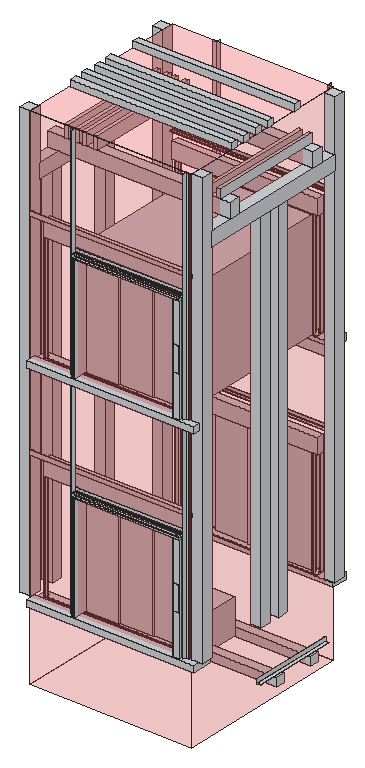
Revit family "SF2500-3S-2方向", category 一般モデル, Revit 2018 (continued)
Definition of nested family "3S"
  Automatic sketch dimensions
    plane 4 to curve 18 = 28.4 mm
    curve 12 to curve 18 = 1.6 mm
    curve 8 to curve 14 = 1.6 mm
    curve 33 to plane 5 = 1.6 mm
    curve 21 to plane 5 = 30 mm
    curve 22 to curve 31 = 1.6 mm
    plane 1 "敷居先端" to curve 29 = 1.6 mm
    curve 30 to curve 29 = 46.8 mm
    curve 29 to curve 21 = 1.6 mm
    curve 34 to plane 10 = 8.4 mm
    curve 34 to plane 11 = 51.6 mm
    curve 35 to curve 26 = 1.6 mm
    curve 11 to plane 10 = 10 mm
    curve 25 to curve 34 = 1.6 mm
    curve 11 to curve 17 = 1.6 mm
    plane 10 to curve 18 = 20 mm
    curve 31 to curve 30 = 95 mm
    curve 32 to curve 24 = 1.6 mm
    curve 27 to curve 29 = 8.4 mm
    curve 5 to plane 1 "敷居先端" = 20 mm
    curve 6 to plane 1 "敷居先端" = 60 mm
    curve 7 to plane 1 "敷居先端" = 60 mm
    curve 2 to level = 0 mm
    plane 9 "出入口高さ" to curve 2 = 0 mm
    curve 41 to plane 10 = 13.4 mm
    curve 37 to curve 41 = 1.6 mm
    plane 10 to curve 43 = 22.5 mm
    curve 40 to plane 9 "出入口高さ" = 1.6 mm
    curve 41 to curve 42 = 26.8 mm
    curve 42 to curve 37 = 1.6 mm
    curve 1 to plane 5 = 0 mm
    curve 1 to plane 11 = 50 mm
    plane 1 "敷居先端" to curve 1 = 60 mm
    curve 2 to plane 10 = 10 mm
    plane 10 to Extrusion 5 sketch curve = 35 mm
    plane 10 to curve 5 = 100 mm
    plane 10 to curve 6 = 140 mm
    plane 10 to curve 7 = 140 mm
    plane 1 "敷居先端" to Extrusion 1 sketch curve = 160 mm
    plane 1 "敷居先端" to Extrusion 4 sketch curve = 180 mm
    plane 1 "敷居先端" to Extrusion 6 sketch curve = 165 mm
    plane 10 to Extrusion 8 sketch curve = 220 mm
    plane 1 "敷居先端" to Extrusion 9 sketch curve = 176 mm
    Extrusion 10 sketch curve to plane 1 "敷居先端" = 176 mm
    Extrusion 11 sketch curve to Extrusion 11 sketch curve = 167.2 mm
    plane 1 "敷居先端" to Extrusion 12 sketch curve = 170 mm
    plane 1 "敷居先端" to Extrusion 13 sketch curve = 170 mm
    plane 1 "敷居先端" to Extrusion 14 sketch curve = 170 mm
